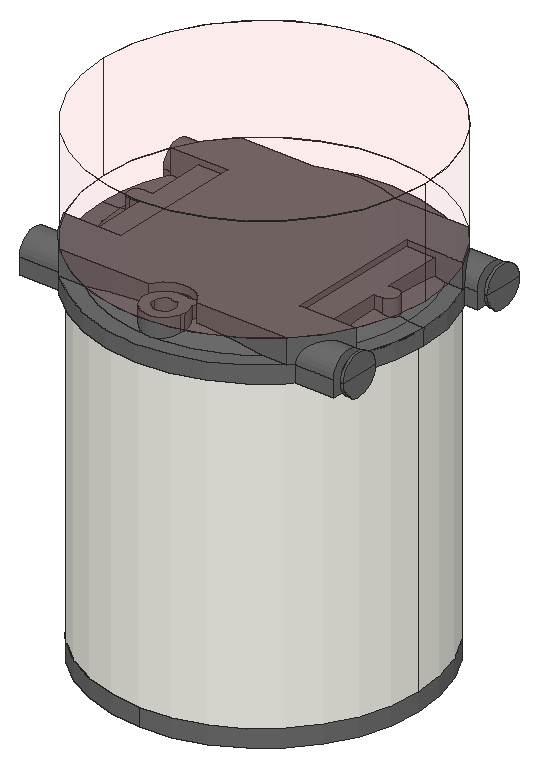
Revit family
Parameters (values of type "1082C2F")
  Watermarked By = "http://revitwatermark.com"
  Water_Ice Tank Volume = "820 Gallons"
  Warning = "Ice tanks are a component in an ice storage system including chillers, pumps, and controls. Contact CALMAC for IceBank® selection support to make sure all system components will work together properly."
  URL = "http://www.calmac.com/"
  Total Cooling Capacity [instance] = 0.0 ton
  Tank Net Usable Capacity = "82 Ton-Hrs"
  Product Page URL = "http://www.calmac.com/products/icebank.asp"
  Is Tank 1 Front Right Connector Visible = not(CTRL Off)  # yes
  Is Tank 1 Front Left Connector Visible = not(CTRL On)  # no
  Is Tank 1 Back Right Connector Visible = not(CTRL Off)  # yes
  Is Tank 1 Back Left Connector Visible = not(CTRL On)  # no
  Surface Finish = Plastic- Calmac- Black
  Supply Coolant Temperature [instance] = -459.67 °F
  Storage Inlet Temperature [instance] = 60 °F
  Shipping Weight = 1065.00 lbf
  Return Coolant Temperature [instance] = -459.67 °F
  Requires Plate Heat Exchanger [instance] = no
  Project/Customer = ""
  Product Documentation Link = "http://www.calmac.com/products/documents/CS-74Model1082C2FAug2007.pdf"
  Pressure Drop [instance] = 0.00 psi
  Precool Hours [instance] = 0
  Pipe Material = Plastic- Calmac- Black
  Operating Weight = 8580.00 lbf
  Occupied Hours [instance] = 0
  Model = "1082C"
  Maximum Operating Temperature = "38°C"
  Maximum Operating Pressure = "620 kPa"
  Manufacturer e-mail = "info@Calmac.com"
  Manufacturer Contact Details = "CALMAC Manufacturing Corporation Headquarters, 3-00 Banta Place, Fair Lawn, NJ  07410, Tel: (201) 797-1511, Fax: (201) 797-1522"
  Manufacturer = "CALMAC Manufacturing Corp."  # constant formula
  Main Use [instance] = ""
  Location [instance] = ""
  Lid Diameter = 7' - 5"  # constant formula
  Leg 4 = 3' - 0 3/4"  # constant formula
  Leg 1 = 3' - 2 1/4"  # constant formula
  Latent Cooling Capacity [instance] = 0.0 ton
  Inlet Outlet Center Height = 6' - 7"  # constant formula
  Heat Exchanger Volume = "86 Gallons"
  Has Rigging Bar [instance] = no
  Has Plate and Frame Heat Exchanger [instance] = no
  Has Ice Inventory Meter [instance] = no
  Has Heat Transfer Fluid [instance] = no
  Has Glycol Management System [instance] = no
  Floor Loading Weight = "286 lb/sq.ft."
  Factory Tested Pressure = "1724 kPa"
  Diversity Factor [instance] = 0
  Discharge Rate [instance] = 0
  Discharge Hours [instance] = 0
  Description = "Off-Peak Cooling System"
  Is Clearance Box Visible [instance] = yes
  Clearance Box Height = 2' - 0"  # constant formula
  City/State [instance] = ""
  CTRL Width = 6' - 1 3/4"
  CTRL On = yes
  CTRL Off = not(CTRL On)  # no
  CTRL Hydronic Supply Description = "Hydronic Supply"  # constant formula
  CTRL Hydronic Return Description = "Hydronic Return"  # constant formula
  CTRL Base Radius = 2' - 11 113/256"  # constant formula
  Body Material = Plastic- Calmac- Off_White
  Has Solid Base [instance] = yes
  Base Height = Inlet Outlet Center Height - 0' 3 3/4"  # 6' - 3 1/4"
  Base Finish = Plastic- Calmac- Black
  Assembly Code = "D3030300"
  Actual Chilled Water Flow [instance] = 0 GPM
Reference planes (in)
  plane 1 "Center (Front/Back)": y = 0
  plane 2 "Bottom": z = 0
  plane 3 "Center (Left/Right)": x = 0
  plane 4 "T.O. Base": z = 75.25
  plane 5 "Inlet/Outlet Center (Elevation)": z = 79
  plane 6 "Right Connector Face": x = 38.25
  plane 7 "Left Connector Face": x = -36.75
  plane 8 "T.o. Lid": z = 84.5
  plane 9 "Top": z = 108.5
  plane 10 "Front Connector Center (F/B)": y = -20.5
  plane 11 "Back Connector Center (F/B)": y = 20.5
  plane 12 "Back": y = 36.875
  plane 13 "Front": y = -36.875
Dimensions and locks (in)
  locked: plane 5 "Inlet/Outlet Center (Elevation)" to plane 4 "T.O. Base" at 3.75
  "Inlet Outlet Center Height": plane 5 "Inlet/Outlet Center (Elevation)" to plane 2 "Bottom"
  "Leg 1": plane 3 "Center (Left/Right)" to plane 6 "Right Connector Face"
  "Leg 4": plane 7 "Left Connector Face" to plane 3 "Center (Left/Right)"
  locked: plane 8 "T.o. Lid" to plane 5 "Inlet/Outlet Center (Elevation)" at 5.5
  locked: plane 10 "Front Connector Center (F/B)" to plane 1 "Center (Front/Back)" at 20.5
  locked: plane 1 "Center (Front/Back)" to plane 11 "Back Connector Center (F/B)" at 20.5
  "Clearance Box Height": plane 9 "Top" to plane 8 "T.o. Lid"
  plane 8 "T.o. Lid" to plane 2 "Bottom" = 7' - 0 1/2"
  equal spacing: plane 13 "Front", plane 1 "Center (Front/Back)", plane 12 "Back"
  "CTRL Width": plane 13 "Front" to plane 12 "Back"
  plane 7 "Left Connector Face" to plane 6 "Right Connector Face" = 6' - 3"
  aligned and locked: plane 1 "Center (Front/Back)" to nested 1
  aligned and locked: plane 3 "Center (Left/Right)" to nested 1
  aligned and locked: plane 4 "T.O. Base" to nested 2
  aligned and locked: plane 1 "Center (Front/Back)" to nested 2
  aligned and locked: plane 5 "Inlet/Outlet Center (Elevation)" to nested 2
  aligned and locked: plane 3 "Center (Left/Right)" to nested 2
  aligned and locked: plane 2 "Bottom" to nested 1
Nested families (in)
  nested 1: "Cooling_Plant_Accessories-Calmac-IceBank-Base" at (0, 0, 0), type "Base"
    with Is Symbolic Line Visible no, Has Solid Base yes, CTRL Inner Wall Radius 2' - 10 145/256", CTRL Base Radius 2' - 11 113/256", Base Height 6' - 3 1/4"
  nested 2: "Cooling_Plant_Accessories-Calmac-IceBank-Lid_C-75" at (0, 0, 75.25), Surface Finish <- "Surface Finish", Pipe Material <- "Pipe Material", Clearance Box Height <- "Clearance Box Height", Is Clearance Box Visible <- "Is Clearance Box Visible", type "C-75"
    with Surface Finish Plastic- Calmac- Black, Pipe Material Plastic- Calmac- Black, Is Clearance Box Visible yes, Clearance Box Height 2' - 0", CTRL Radius 3' - 0 11/16"
Connectors (in)
  piping at (38.25, 20.5, 79), driven by "CTRL Hydronic Supply Description", driven by "Actual Chilled Water Flow"
    settings: on nested 2, index 1, connector radius 2", flow factor 0, pipe flow 0 GPM, pressure drop 0.00 psi, fitting loss kfactor 0, connector angle 0.00°, fixture units 0, flow configuration 0, flow direction 2, fitting loss method 0, system type 7, connector reference index -1, connector utility 0, adjustable connector no, is connector primary yes, fitting loss table "", connector description "Hydronic Supply"
  piping at (38.25, -20.5, 79), driven by "CTRL Hydronic Return Description"
    settings: on nested 2, index 2, connector radius 2", flow factor 0, pipe flow 0 GPM, pressure drop 0.00 psi, fitting loss kfactor 0, connector angle 0.00°, fixture units 0, flow configuration 0, flow direction 1, fitting loss method 0, system type 8, connector reference index -1, connector utility 0, adjustable connector no, is connector primary no, fitting loss table "", connector description "Hydronic Return"
Definition of nested family "Cooling_Plant_Accessories-Calmac-IceBank-Base"
  Parameters (values of type "Base")
    Wall Thickness = 0' - 0 7/8"
    URL = "http://www.calmac.com/"
    Type Comments = ""
    Is Symbolic Line Visible = not(Has Solid Base)  # yes
    Has Solid Base = no
    Model = ""
    Manufacturer = "CALMAC Manufacturing Corp."  # constant formula
    CTRL Inner Wall Radius = CTRL Base Radius - Wall Thickness  # 3' - 0"
    CTRL Base Radius = 3' - 0 7/8"
    Body Material = Plastic- Calmac- Off_White
    Base Height = 3' - 7 5/16"
    Base Finish = Plastic- Calmac- Black
    Assembly Code = "D3030"
  Reference planes (in)
    plane 1 "Center (Front/Back)": y = 0
    plane 2 "Bottom": z = 0
    plane 3 "Center (Left/Right)": x = 0
    plane 4 "Back": y = 36.875
    plane 5 "Front": y = -36.875
    plane 6 "Right": x = 36.875
    plane 7 "Left": x = -36.875
    plane 8 "T.O. Base Plate": z = 4
    plane 9 "Right Edge of Right Void": x = 24.125
    plane 10 "Left Edge of Right Void": x = 13.125
    plane 11 "Left Edge of Left Void": x = -24.125
    plane 12 "Right Edge of Left Void": x = -13.125
    plane 13 "T.O. Base Void": z = 2
    plane 14 "T.O. Base": z = 43.3125
  Forms (in)
    Extrusion 1, solid, material "Plastic- Calmac- Black" <- "Base Finish", visible <- "Is Symbolic Line Visible", detail levels fine
      sketch origin (0, 0, 0) x (1, 0, 0) y (0, 1, 0)
        loop
          circle (0, 0) r 36.875
      from 0 to 4
    Extrusion 2, void
      sketch origin (0, 0, 0) x (1, 0, 0) y (0, 1, 0)
        loop
          line (-24.125, 36.875) -> (-24.125, -36.875) -> (-13.125, -36.875) -> (-13.125, 36.875) -> (-24.125, 36.875)
        loop
          line (13.125, 36.875) -> (13.125, -36.875) -> (24.125, -36.875) -> (24.125, 36.875) -> (13.125, 36.875)
      from 0 to 2
    Extrusion 3, solid, material "Plastic- Calmac- Off_White" <- "Body Material", detail levels fine
      sketch origin (0, 0, 0) x (1, 0, 0) y (0, 1, 0)
        loop
          circle (0, 0) r 36.875
        loop
          circle (0, 0) r 36
      from 4 to 43.3125
    Extrusion 4, solid, material "Plastic- Calmac- Black" <- "Base Finish", visible <- "Has Solid Base", detail levels fine
      sketch origin (0, 0, 43.3125) x (0, -1, 0) y (1, 0, 0)
        loop
          circle (0, 0) r 36.875
      from -43.3125 to -39.3125
  Cuts and joins
    Extrusion 2 cuts Extrusion 3
    Extrusion 2 cuts Extrusion 1
  Lines and regions (in)
    Masking region 1
      outline origin (0, 0, 0) x (1, 0, 0) y (0, 1, 0)
        loop
          circle (0, 0) r 36.875
    Masking region 2
      outline origin (0, 0, 0) x (1, 0, 0) y (0, 0, 1)
        loop
          line (-36.875, 0) -> (36.875, 0) -> (36.875, 43.3125) -> (-36.875, 43.3125) -> (-36.875, 0)
    Masking region 3
      outline origin (0, 0, 0) x (0, 1, 0) y (0, 0, 1)
        loop
          line (-36.875, 0) -> (36.875, 0) -> (36.875, 43.3125) -> (-36.875, 43.3125) -> (-36.875, 0)
    symbolic lines, style "Base", detail levels medium+fine
      curve 1: line (-36.875, 0, 4) -> (36.875, 0, 4)
      curve 8: line (0, -36.875, 4) -> (0, 36.875, 4)
    symbolic lines, style "Base", visible <- "Is Symbolic Line Visible", detail levels medium+fine
      curve 2: line (-24.125, 0, 0) -> (-24.125, 0, 2)
      curve 3: line (-24.125, 0, 2) -> (-13.125, 0, 2)
      curve 4: line (13.125, 0, 2) -> (24.125, 0, 2)
      curve 5: line (13.125, 0, 0) -> (13.125, 0, 2)
      curve 6: line (24.125, 0, 0) -> (24.125, 0, 2)
      curve 7: line (-13.125, 0, 0) -> (-13.125, 0, 2)
    model lines, style "Base", detail levels medium
      curve 9: circle (0, 0, 43.3125) r 36.875 normal (0, 0, 1)
      curve 10: circle (0, 0, 4) r 36.875 normal (0, 0, 1)
      curve 11: circle (0, 0, 0) r 36.875 normal (0, 0, 1)
      curve 12: line (36.875, 0, 0) -> (36.875, 0, 43.3125)
      curve 13: line (-36.875, 0, 0) -> (-36.875, 0, 43.3125)
      curve 14: line (0, -36.875, 0) -> (0, -36.875, 43.3125)
      curve 15: line (0, 36.875, 0) -> (0, 36.875, 43.3125)
    model lines, style "Base", detail levels coarse
      curve 16: line (0, 0, 0) -> (0, 0, 43.3125)
  Dimensions and locks (in)
    locked: plane 7 "Left" to plane 11 "Left Edge of Left Void" at 12.75
    locked: plane 7 "Left" to plane 12 "Right Edge of Left Void" at 23.75
    locked: plane 9 "Right Edge of Right Void" to plane 6 "Right" at 12.75
    locked: plane 10 "Left Edge of Right Void" to plane 6 "Right" at 23.75
    "CTRL Base Radius": plane 7 "Left" to plane 3 "Center (Left/Right)"
    "CTRL Base Radius": plane 3 "Center (Left/Right)" to plane 6 "Right"
    "CTRL Base Radius": plane 1 "Center (Front/Back)" to plane 4 "Back"
    "CTRL Base Radius": plane 5 "Front" to plane 1 "Center (Front/Back)"
    locked: plane 8 "T.O. Base Plate" to plane 2 "Bottom" at 4
    "Base Height": plane 14 "T.O. Base" to plane 2 "Bottom"
    locked: plane 13 "T.O. Base Void" to plane 2 "Bottom" at 2
    "CTRL Base Radius": radius of Extrusion 1 sketch curve
    "CTRL Base Radius": radius of Extrusion 3 sketch curve
    "CTRL Inner Wall Radius": radius of Extrusion 3 sketch curve
    "CTRL Base Radius": radius of Masking region 1 sketch curve
    "CTRL Base Radius": radius of curve 9
    "CTRL Base Radius": radius of curve 10
    "CTRL Base Radius": radius of curve 11
    "CTRL Base Radius": radius of Extrusion 4 sketch curve
    aligned and locked: plane 3 "Center (Left/Right)" to Extrusion 1 sketch curve
    aligned and locked: plane 1 "Center (Front/Back)" to Extrusion 1 sketch curve
    aligned and locked: Extrusion 1 to plane 2 "Bottom"
    aligned and locked: plane 8 "T.O. Base Plate" to Extrusion 1
    aligned and locked: plane 2 "Bottom" to Extrusion 1
    aligned and locked: Extrusion 2 sketch curve to plane 4 "Back"  (x2)
    aligned and locked: Extrusion 2 sketch curve to plane 12 "Right Edge of Left Void"
    aligned and locked: plane 11 "Left Edge of Left Void" to Extrusion 2 sketch curve
    aligned and locked: Extrusion 2 sketch curve to plane 5 "Front"  (x2)
    aligned and locked: Extrusion 2 sketch curve to plane 10 "Left Edge of Right Void"
    aligned and locked: Extrusion 2 sketch curve to plane 9 "Right Edge of Right Void"
    aligned and locked: plane 13 "T.O. Base Void" to Extrusion 2
    aligned and locked: Extrusion 2 to plane 2 "Bottom"
    aligned and locked: Extrusion 2 to plane 5 "Front"
    aligned and locked: plane 4 "Back" to Extrusion 2
    aligned and locked: Extrusion 2 to plane 13 "T.O. Base Void"  (x2)
    aligned and locked: plane 11 "Left Edge of Left Void" to Extrusion 2
    aligned and locked: plane 2 "Bottom" to Extrusion 2  (x2)
    aligned and locked: Extrusion 2 to plane 12 "Right Edge of Left Void"
    aligned and locked: plane 10 "Left Edge of Right Void" to Extrusion 2
    aligned and locked: Extrusion 2 to plane 9 "Right Edge of Right Void"
    aligned and locked: plane 3 "Center (Left/Right)" to Extrusion 3 sketch curve  (x2)
    aligned and locked: plane 1 "Center (Front/Back)" to Extrusion 3 sketch curve  (x2)
    aligned and locked: Extrusion 3 to plane 8 "T.O. Base Plate"
    aligned and locked: plane 14 "T.O. Base" to Extrusion 3
    aligned and locked: plane 3 "Center (Left/Right)" to Masking region 1 sketch curve
    aligned and locked: plane 1 "Center (Front/Back)" to Masking region 1 sketch curve
    aligned and locked: Masking region 2 sketch curve to plane 14 "T.O. Base"
    aligned and locked: plane 6 "Right" to Masking region 2 sketch curve
    aligned and locked: plane 2 "Bottom" to Masking region 2 sketch curve
    aligned and locked: Masking region 2 sketch curve to plane 7 "Left"
    aligned and locked: plane 7 "Left" to curve 1
    aligned and locked: plane 6 "Right" to curve 1
    aligned and locked: curve 1 to plane 8 "T.O. Base Plate"
    aligned and locked: plane 11 "Left Edge of Left Void" to curve 3
    aligned and locked: plane 12 "Right Edge of Left Void" to curve 3
    aligned and locked: curve 3 to plane 13 "T.O. Base Void"
    aligned and locked: plane 2 "Bottom" to curve 2
    aligned and locked: curve 2 to plane 11 "Left Edge of Left Void"
    aligned and locked: plane 10 "Left Edge of Right Void" to curve 4
    aligned and locked: plane 9 "Right Edge of Right Void" to curve 4
    aligned and locked: plane 13 "T.O. Base Void" to curve 5
    aligned and locked: plane 13 "T.O. Base Void" to curve 6
    aligned and locked: plane 2 "Bottom" to curve 5
    aligned and locked: curve 5 to plane 10 "Left Edge of Right Void"
    aligned and locked: curve 6 to plane 9 "Right Edge of Right Void"
    aligned and locked: plane 13 "T.O. Base Void" to curve 7
    aligned and locked: plane 2 "Bottom" to curve 7
    aligned and locked: curve 7 to plane 12 "Right Edge of Left Void"
    aligned and locked: plane 5 "Front" to Masking region 3 sketch curve
    aligned and locked: plane 14 "T.O. Base" to Masking region 3 sketch curve
    aligned and locked: Masking region 3 sketch curve to plane 4 "Back"
    aligned and locked: plane 2 "Bottom" to Masking region 3 sketch curve
    aligned and locked: plane 4 "Back" to curve 8
    aligned and locked: plane 5 "Front" to curve 8
    aligned and locked: curve 8 to plane 8 "T.O. Base Plate"
    aligned and locked: plane 3 "Center (Left/Right)" to curve 9
    aligned and locked: plane 1 "Center (Front/Back)" to curve 9
    aligned and locked: curve 9 to plane 14 "T.O. Base"
    aligned and locked: curve 10 to plane 8 "T.O. Base Plate"
    aligned and locked: plane 3 "Center (Left/Right)" to curve 10
    aligned and locked: plane 1 "Center (Front/Back)" to curve 10
    aligned: curve 11 to plane 2 "Bottom"
    aligned and locked: plane 3 "Center (Left/Right)" to curve 11
    aligned and locked: plane 1 "Center (Front/Back)" to curve 11
    aligned and locked: plane 14 "T.O. Base" to curve 12
    aligned and locked: plane 14 "T.O. Base" to curve 13
    aligned and locked: plane 2 "Bottom" to curve 12
    aligned and locked: plane 2 "Bottom" to curve 13
    aligned and locked: curve 12 to plane 6 "Right"
    aligned and locked: curve 13 to plane 7 "Left"
    aligned and locked: curve 12 to plane 1 "Center (Front/Back)"
    aligned and locked: curve 13 to plane 1 "Center (Front/Back)"
    aligned and locked: plane 14 "T.O. Base" to curve 14
    aligned and locked: plane 14 "T.O. Base" to curve 15
    aligned and locked: plane 2 "Bottom" to curve 14
    aligned and locked: plane 2 "Bottom" to curve 15
    aligned and locked: plane 4 "Back" to curve 15
    aligned and locked: plane 5 "Front" to curve 14
    aligned and locked: plane 3 "Center (Left/Right)" to curve 14
    aligned and locked: plane 3 "Center (Left/Right)" to curve 15
    aligned and locked: plane 14 "T.O. Base" to curve 16
    aligned and locked: plane 2 "Bottom" to curve 16
    aligned and locked: plane 3 "Center (Left/Right)" to curve 16
    aligned and locked: curve 16 to plane 1 "Center (Front/Back)"
    aligned and locked: plane 1 "Center (Front/Back)" to Extrusion 4 sketch curve
    aligned and locked: plane 3 "Center (Left/Right)" to Extrusion 4 sketch curve
    aligned and locked: plane 8 "T.O. Base Plate" to Extrusion 4
    aligned and locked: Extrusion 4 to plane 2 "Bottom"
  Automatic sketch dimensions
    curve 6 to level = 0' - 0"
Definition of nested family "Cooling_Plant_Accessories-Calmac-IceBank-Lid_C-75"
  Parameters (values of type "C-75")
    bxcbxb = Diameter * 0.5  # 3' - 0 11/16"
    adfasdfa = Diameter * 0.5  # 3' - 0 11/16"
    Surface Finish [instance] = none
    Pipe Material [instance] = none
    Is Front Right Flanged Connector Visible = yes
    Is Front Left Flanged Connector Visible = no
    Diameter = 6' - 1 3/8"
    Is Clearance Box Visible [instance] = yes
    Clearance Box Height [instance] = 2' - 0"
    CTRL Radius [instance] = Diameter / 2  # 3' - 0 11/16"
    Is Back Right Flanged Connector Visible = yes
    Is Back Left Flanged Connector Visible = no
  Reference planes (in)
    plane 1 "Center (Front/Back)": y = 0
    plane 2 "Bottom": z = 0
    plane 3 "Center (Left/Right)": x = 0
    plane 4 "Back": y = 36.6875
    plane 5 "Back Connector Back": y = 24.75
    plane 6 "Back Connector Center": y = 20.5
    plane 7 "Back Connector Front": y = 16.25
    plane 8 "Piping Back": y = 25.88647
    plane 9 "Rigging Back": y = 15.25
    plane 10 "Rigging Loop Back": y = 2
    plane 11 "Top Back Edge": y = 24
    plane 12 "Back Inset": y = 32.8725
    plane 13 "Back Bolt Front": y = 33.6855
    plane 14 "Front": y = -36.6875
    plane 15 "Front Connection Front": y = -24.75
    plane 16 "Fron Connector Center": y = -20.5
    plane 17 "Front Connector Back": y = -16.25
    plane 18 "Piping Front": y = -25.88647
    plane 19 "Rigging Front": y = -15.25
    plane 20 "Rigging Loop Front": y = -2
    plane 21 "Top Front Edge": y = -28
    plane 22 "Front Inset": y = -32.8725
    plane 23 "Pad Eye Hole": y = -27.02527
    plane 24 "Pad Eye Front Center": y = -28.53621
    plane 25 "Left Connection": x = -36.41773
    plane 26 "Left": x = -36.6875
    plane 27 "Left Lip Inset": x = -32.8725
    plane 28 "Left Rigging Loop Left": x = -30.87661
    plane 29 "Left Rigging Loop Inset": x = -27.6267
    plane 30 "Left Rigging Loop Right": x = -26.875
    plane 31 "Left Rigging Right": x = -20.40035
    plane 32 "Top Left": x = -9.54335
    plane 33 "Right Connection": x = 36.41773
    plane 34 "Right": x = 36.6875
    plane 35 "Lid Inset Right": x = 32.8725
    plane 36 "Right Rigging Loop Right": x = 30.88136
    plane 37 "Right Rigging Loop Inset": x = 27.63145
    plane 38 "Right Rigging Loop Left": x = 26.87975
    plane 39 "Right Rigging Left": x = 20.4051
    plane 40 "Top Right": x = 9.54335
    plane 41 "Top": z = 9.25
    plane 42 "Connector Center(Elevation)": z = 3.75
    plane 43 "Connector Channel Top": z = 8
    plane 44 "Connection Sleeve Left": x = -33.10311
    plane 45 "Connection Sleeve Right": x = 33.1032
    plane 46 "Right Center": x = 24.02983
    plane 47 "Bolt Inset Right": x = 1.00017
    plane 48 "Bolt Inset Left": x = -1.00017
    plane 49 "Bolt Inset Center": y = 34.68672
    plane 50 "Top Left Inset": x = -30.90528
    plane 51 "Top Right Inset": x = 30.90528
    plane 52 "Right Side Chanel": x = 35.23566
    plane 53 "Left Side Channel": x = -35.23566
    plane 54 "Right Tunnel Ref": x = 25.99737
    plane 55 "Left Tunnel Ref": x = -25.99737
    plane 56 "Left Tunnel Ref Center": x = -33.3678
    plane 57 "Right Tunnel Ref Center": x = 33.3678
    plane 58 "T.O. Clearance Box": z = 33.25
    plane 59 "Right Connector Face": x = 38.25
    plane 60 "Left Connector Face": x = -38.25
    plane 61 "Sleeve Left": x = -35.83203
    plane 62 "Sleeve Right": x = 35.83203
  Forms (in)
    Revolve 1, solid, material <- "Surface Finish", detail levels fine
      sketch origin (0, 0, 0) x (1, 0, 0) y (0, 0, 1)
        loop
          line (0, 9.25) -> (0, 0) -> (36.6875, 0) -> (36.6875, 3.75) -> (32.8725, 3.75) -> (9.54335, 9.25) -> (0, 9.25)
        axis (0, 9.25) -> (0, 0)
      angle from 0 to 360
    Extrusion 2, solid, material <- "Surface Finish", detail levels fine
      sketch origin (0, 0, 0) x (1, 0, 0) y (0, 1, 0)
        loop
          arc (-25.99737, 25.88647) -> (-30.15526, 20.89577) -> (-33.3678, 15.25) r 36.6875
          line (-33.3678, 15.25) -> (-20.40035, 15.25) -> (-20.40035, -15.25) -> (-33.3678, -15.25)
          arc (-33.3678, -15.25) -> (-30.15526, -20.89577) -> (-25.99737, -25.88647) r 36.6875
          line (-25.99737, -25.88647) -> (-5.47378, -25.88647)
          arc (-5.47378, -25.88647) -> (0.00163, -22.34) -> (5.47705, -25.88647) r 6
          line (5.47705, -25.88647) -> (25.99737, -25.88647)
          arc (25.99737, -25.88647) -> (30.15526, -20.89577) -> (33.3678, -15.25) r 36.6875
          line (33.3678, -15.25) -> (20.4051, -15.25) -> (20.4051, 15.25) -> (33.3678, 15.25)
          arc (33.3678, 15.25) -> (30.15526, 20.89577) -> (25.99737, 25.88647) r 36.6875
          line (25.99737, 25.88647) -> (9.54335, 25.88647)
          arc (9.54335, 25.88647) -> (0, 27.83962) -> (-9.54335, 25.88647) r 24.29157
          line (-9.54335, 25.88647) -> (-25.99737, 25.88647)
      from 3.75 to 9.25
    Extrusion 3, solid, material <- "Surface Finish", detail levels fine
      sketch origin (0, 0, 0) x (0, 1, 0) y (0, 0, 1)
        loop
          arc (24.75, 3.75) -> (20.5, 8) -> (16.25, 3.75) r 4.25
          line (16.25, 3.75) -> (16.25, 0) -> (24.75, 0) -> (24.75, 3.75)
        loop
          arc (-16.25, 3.75) -> (-20.5, 8) -> (-24.75, 3.75) r 4.25
          line (-24.75, 3.75) -> (-24.75, 0) -> (-16.25, 0) -> (-16.25, 3.75)
      from -35.83203 to 35.83203
    Extrusion 4, solid, material <- "Surface Finish", detail levels fine
      sketch origin (0, 0, 0) x (1, 0, 0) y (0, 1, 0)
        loop
          line (-26.875, 15.25) -> (-26.875, 2) -> (-28.87661, 2)
          arc (-28.87661, 2) -> (-30.87661, 0) -> (-28.87661, -2) r 2
          line (-28.87661, -2) -> (-26.875, -2) -> (-26.875, -15.25) -> (-20.40035, -15.25) -> (-20.40035, 15.25) -> (-26.875, 15.25)
        loop
          line (26.87975, 2) -> (26.87975, 15.25) -> (20.4051, 15.25) -> (20.4051, -15.25) -> (26.87975, -15.25) -> (26.87975, -2) -> (28.88512, -2)
          arc (28.88512, -2) -> (30.88512, 0) -> (28.88512, 2) r 2
          line (28.88512, 2) -> (26.87975, 2)
      from 3.75 to 8
    Extrusion 5, solid, material <- "Surface Finish", detail levels fine
      sketch origin (0, 0, 9.25) x (-1, 0, 0) y (0, -1, 0)
        loop
          arc (-2.21906, 23.96212) -> (2.64241, 24.20385) -> (4.9051, 28.51344) r 4.90816
          arc (4.9051, 28.51344) -> (4.68488, 28.94415) -> (4.53675, 29.40466) r 3
          arc (4.53675, 29.40466) -> (-0.00027, 33) -> (-4.53687, 29.40413) r 4.66
          arc (-4.53687, 29.40413) -> (-4.68495, 28.94361) -> (-4.90512, 28.51288) r 3
          arc (-4.90512, 28.51288) -> (-4.7228, 27.00389) -> (-4.08756, 25.62304) r 4.90816
          arc (-4.08756, 25.62304) -> (-3.98687, 23.85484) -> (-2.21906, 23.96212) r 1.25
        loop
          circle (0, 28.34) r 2.46875
      from -5.5 to -1.25
  Cuts and joins
    joined: Revolve 1, Extrusion 2, Extrusion 4
  Lines and regions (in)
    Masking region 1
      outline origin (0, 0, 0) x (1, 0, 0) y (0, 0, 1)
        loop
          line (-33.3678, 9.25) -> (-33.3678, 3.75) -> (-36.6875, 3.75) -> (-36.6875, 0) -> (36.6875, 0) -> (36.6875, 3.75) -> (33.3678, 3.75) -> (33.3678, 9.25) -> (-33.3678, 9.25)
    Masking region 2
      outline origin (0, 0, 0) x (0, 1, 0) y (0, 0, 1)
        loop
          line (36.6875, 3.75) -> (32.8725, 3.75) -> (27.9625, 4.87873) -> (27.9625, 9.25) -> (-25.88647, 9.25) -> (-25.88647, 8) -> (-32.8725, 8) -> (-32.8725, 3.75) -> (-36.6875, 3.75) -> (-36.6875, 0) -> (36.6875, 0) -> (36.6875, 3.75)
    Masking region 3
      outline origin (0, 0, 0) x (1, 0, 0) y (0, 1, 0)
        loop
          arc (-33.10311, 15.81634) -> (-36.6875, 0) -> (-33.10311, -15.81634) r 36.6875
          line (-33.10311, -15.81634) -> (-33.10311, -16.25) -> (-35.83203, -16.25) -> (-35.83203, -24.75) -> (-27.08155, -24.75)
          arc (-27.08155, -24.75) -> (0, -36.6875) -> (27.08155, -24.75) r 36.6875
          line (27.08155, -24.75) -> (35.83203, -24.75) -> (35.83203, -16.25) -> (33.1032, -16.25) -> (33.1032, -15.81617)
          arc (33.1032, -15.81617) -> (36.6875, 0) -> (33.1032, 15.81617) r 36.6875
          line (33.1032, 15.81617) -> (33.1032, 16.25) -> (35.83203, 16.25) -> (35.83203, 24.75) -> (27.08155, 24.75)
          arc (27.08155, 24.75) -> (0, 36.6875) -> (-27.08155, 24.75) r 36.6875
          line (-27.08155, 24.75) -> (-35.83203, 24.75) -> (-35.83203, 16.25) -> (-33.10311, 16.25) -> (-33.10311, 15.81634)
    symbolic lines, style "Thermal Energy Storage", detail levels fine
      curve 1: arc (0, 24.75, 3.75) -> (0, 20.5, 8) -> (0, 16.25, 3.75) r 4.25
      curve 2: line (0, 24.75, 0) -> (0, 24.75, 3.75)
      curve 3: line (0, 16.25, 3.75) -> (0, 16.25, 0)
      curve 6: arc (0, -2, 5.14855) -> (0, -8.63661, 4.84477) -> (0, -15.25, 4.21246) r 134.00815
      curve 8: line (0, -2, 8) -> (0, -2, 6.75604)
      curve 9: arc (0, 15.25, 4.21246) -> (0, 8.63661, 4.84477) -> (0, 2, 5.14855) r 134.00815
      curve 10: line (0, 2, 4.63945) -> (0, 2, 8)
      curve 11: line (0, -15.25, 8) -> (0, 15.25, 8)
      curve 14: arc (0, -16.25, 3.75) -> (0, -20.5, 8) -> (0, -24.75, 3.75) r 4.25
      curve 15: line (0, -16.25, 0) -> (0, -16.25, 3.75)
      curve 16: line (0, -24.75, 3.75) -> (0, -24.75, 0)
      curve 32: line (26.87975, 2, 3.75) -> (26.87975, 15.25, 3.75)
      curve 33: arc (20.4051, 7.23282, 3.75) -> (21.3358, 3.66951, 3.75) -> (21.64906, 0, 3.75) r 21.64906
      curve 34: arc (21.64906, 0, 3.75) -> (21.3358, -3.66951, 3.75) -> (20.4051, -7.23282, 3.75) r 21.64906
      curve 35: line (26.87975, -15.25, 3.75) -> (26.87975, -2, 3.75)
      curve 36: line (26.87975, -2, 3.75) -> (28.88512, -2, 3.75)
      curve 37: arc (28.88512, -2, 3.75) -> (30.88512, 0, 3.75) -> (28.88512, 2, 3.75) r 2
      curve 38: line (28.88512, 2, 3.75) -> (26.87975, 2, 3.75)
      curve 39: line (-26.875, 15.25, 3.75) -> (-26.875, 2, 3.75)
      curve 40: line (-26.875, 2, 3.75) -> (-28.87661, 2, 3.75)
      curve 41: arc (-28.87661, 2, 3.75) -> (-30.87661, 0, 3.75) -> (-28.87661, -2, 3.75) r 2
      curve 42: line (-28.87661, -2, 3.75) -> (-26.875, -2, 3.75)
      curve 43: line (-26.875, -2, 3.75) -> (-26.875, -15.25, 3.75)
      curve 44: arc (-20.40035, -7.232, 3.75) -> (-21.33105, -3.6691, 3.75) -> (-21.64431, 0, 3.75) r 21.64431
      curve 45: arc (-21.64431, 0, 3.75) -> (-21.33105, 3.6691, 3.75) -> (-20.40035, 7.232, 3.75) r 21.64431
      curve 48: line (-1.00017, 36.67386, 9.25) -> (-1.00017, 34.68672, 9.25)
      curve 49: arc (-1.00017, 34.68672, 9.25) -> (0, 33.68655, 9.25) -> (1.00017, 34.68672, 9.25) r 1.00017
      curve 50: line (1.00017, 34.68672, 9.25) -> (1.00017, 36.6875, 9.25)
      curve 51: line (11.31854, 34.8979, 9.25) -> (10.65418, 33.0251, 9.25)
      curve 52: arc (10.65418, 33.0251, 9.25) -> (11.26241, 31.7481, 9.25) -> (12.53942, 32.35633, 9.25) r 1.00017
      curve 53: line (12.53942, 32.35633, 9.25) -> (13.20834, 34.24197, 9.25)
      curve 54: line (-13.21164, 34.2958, 9.25) -> (-12.55966, 32.41866, 9.25)
      curve 55: arc (-12.55966, 32.41866, 9.25) -> (-11.2867, 31.80201, 9.25) -> (-10.67005, 33.07497, 9.25) r 1.00017
      curve 56: line (-10.67005, 33.07497, 9.25) -> (-11.3265, 34.96499, 9.25)
      curve 57: line (-23.92286, 28.15972, 9.25) -> (-22.74294, 26.56081, 9.25)
      curve 58: arc (-22.74294, 26.56081, 9.25) -> (-21.34429, 26.34992, 9.25) -> (-21.1334, 27.74856, 9.25) r 1.00017
      curve 59: line (-21.1334, 27.74856, 9.25) -> (-22.32142, 29.35845, 9.25)
      curve 60: line (32.4594, -12.82483, 9.25) -> (32.6548, -12.1272, 9.25)
      curve 61: arc (32.6548, -12.1272, 9.25) -> (31.34512, -12.66144, 9.25) -> (31.87936, -13.97113, 9.25) r 1.00017
      curve 62: line (31.87936, -13.97113, 9.25) -> (33.72369, -14.74673, 9.25)
      curve 63: line (22.39077, 29.34394, 9.25) -> (21.11473, 27.69559, 9.25)
      curve 64: arc (21.11473, 27.69559, 9.25) -> (21.29337, 26.29246, 9.25) -> (22.6965, 26.47109, 9.25) r 1.00017
      curve 65: line (22.6965, 26.47109, 9.25) -> (23.92126, 28.05321, 9.25)
      curve 66: arc (34.65389, -3.55302, 9.25) -> (33.53087, -4.41256, 9.25) -> (34.39041, -5.53559, 9.25) r 1
      curve 67: line (34.39041, -5.53559, 9.25) -> (36.36427, -5.7979, 9.25)
      curve 68: line (34.65389, -3.55302, 9.25) -> (36.62775, -3.81533, 9.25)
      curve 69: line (34.39041, 5.53559, 9.25) -> (36.36427, 5.7979, 9.25)
      curve 70: arc (34.39041, 5.53559, 9.25) -> (33.53087, 4.41256, 9.25) -> (34.65389, 3.55302, 9.25) r 1
      curve 71: line (34.65389, 3.55302, 9.25) -> (36.62775, 3.81533, 9.25)
      curve 72: line (31.91582, 13.97144, 9.25) -> (33.76295, 14.71511, 9.25)
      curve 73: arc (31.91582, 13.97144, 9.25) -> (31.36165, 12.67033, 9.25) -> (32.66277, 12.11616, 9.25) r 1
      curve 74: line (32.66277, 12.11616, 9.25) -> (34.5099, 12.85983, 9.25)
      curve 75: line (-31.91107, 13.97144, 9.25) -> (-33.7582, 14.71511, 9.25)
      curve 76: arc (-32.65802, 12.11616, 9.25) -> (-31.3569, 12.67033, 9.25) -> (-31.91107, 13.97144, 9.25) r 1
      curve 77: line (-32.65802, 12.11616, 9.25) -> (-34.50515, 12.85983, 9.25)
      curve 78: line (-34.38566, 5.53559, 9.25) -> (-36.35952, 5.7979, 9.25)
      curve 79: arc (-34.64914, 3.55302, 9.25) -> (-33.52612, 4.41256, 9.25) -> (-34.38566, 5.53559, 9.25) r 1
      curve 80: line (-34.64914, 3.55302, 9.25) -> (-36.623, 3.81533, 9.25)
      curve 81: line (-34.64914, -3.55302, 9.25) -> (-36.623, -3.81533, 9.25)
      curve 82: arc (-34.38566, -5.53559, 9.25) -> (-33.52612, -4.41256, 9.25) -> (-34.64914, -3.55302, 9.25) r 1
      curve 83: line (-34.38566, -5.53559, 9.25) -> (-36.35952, -5.7979, 9.25)
      curve 84: line (-22.69219, -26.43077, 9.25) -> (-23.97422, -28.0179, 9.25)
      curve 85: arc (-21.13636, -27.68751, 9.25) -> (-21.28591, -26.28122, 9.25) -> (-22.69219, -26.43077, 9.25) r 1
      curve 86: line (-21.13636, -27.68751, 9.25) -> (-22.4199, -29.27651, 9.25)
      curve 87: line (-12.56783, -32.48955, 9.25) -> (-13.24652, -34.41359, 9.25)
      curve 88: arc (-10.68173, -33.15486, 9.25) -> (-11.29213, -31.87915, 9.25) -> (-12.56783, -32.48955, 9.25) r 1
      curve 89: line (-10.68173, -33.15486, 9.25) -> (-11.36123, -35.08117, 9.25)
      curve 90: line (-1.00017, -34.82, 9.25) -> (-1.00017, -36.80999, 9.25)
      curve 91: arc (1.00017, -34.82, 9.25) -> (0, -33.81983, 9.25) -> (-1.00017, -34.82, 9.25) r 1.00017
      curve 92: line (1.00017, -34.82, 9.25) -> (1.00017, -36.81244, 9.25)
      curve 93: line (12.56783, -32.48955, 9.25) -> (13.23022, -34.36736, 9.25)
      curve 94: arc (12.56783, -32.48955, 9.25) -> (11.29213, -31.87915, 9.25) -> (10.68173, -33.15486, 9.25) r 1
      curve 95: line (10.68173, -33.15486, 9.25) -> (11.34412, -35.03267, 9.25)
      curve 96: arc (22.69219, -26.43077, 9.25) -> (21.28591, -26.28122, 9.25) -> (21.13636, -27.68751, 9.25) r 1
      curve 97: line (22.69219, -26.43077, 9.25) -> (23.94341, -27.97976, 9.25)
      curve 98: line (21.13636, -27.68751, 9.25) -> (22.38758, -29.2365, 9.25)
      curve 99: line (32.66277, -12.11616, 9.25) -> (34.5099, -12.85983, 9.25)
      curve 100: line (-31.91107, -14.79231, 9.25) -> (-33.7582, -15.23425, 9.25)
      curve 101: arc (-31.91107, -14.79231, 9.25) -> (-31.3569, -13.49119, 9.25) -> (-32.65802, -12.93703, 9.25) r 1
      curve 102: line (-32.65802, -12.93703, 9.25) -> (-34.50515, -13.37897, 9.25)
      curve 106: arc (-5.47378, 0, 5.26563) -> (-15.77731, 0, 4.35832) -> (-25.99737, 0, 2.76575) r 154.97971
      curve 107: arc (25.99737, 0, 2.76578) -> (15.77893, 0, 4.35812) -> (5.47705, 0, 5.26547) r 154.99141
      curve 108: line (5.47705, 0, 9.25) -> (5.47705, 0, 5.26547)
      curve 109: line (-5.47378, 0, 5.26563) -> (-5.47378, 0, 9.25)
      curve 110: line (-4.9051, 0, 8) -> (-4.9051, 0, 4.70486)
      curve 111: line (4.90512, 0, 4.70486) -> (4.90512, 0, 8)
      curve 112: line (4.90512, 0, 8) -> (-4.9051, 0, 8)
      curve 113: line (-33.10311, 0, 8) -> (-33.10311, 0, 0)
      curve 114: line (33.1032, 0, 0) -> (33.1032, 0, 8)
      curve 115: arc (-4.9051, 0, 4.70486) -> (0.00001, 0, 3.8302) -> (4.90512, 0, 4.70486) r 14.19119
      curve 116: arc (30.87466, 0, 8) -> (28.02128, 0, 6.67955) -> (26.87975, 0, 3.75) r 4.20763
      curve 117: line (26.87975, 0, 3.75) -> (26.87975, 0, 0)
      curve 118: line (30.87466, 0, 8) -> (33.1032, 0, 8)
      curve 119: arc (-30.90528, 0, 8) -> (-28.05544, 0, 6.81956) -> (-26.875, 0, 3.96972) r 4.03028
      curve 120: line (-26.875, 0, 3.96972) -> (-26.875, 0, 0)
      curve 121: line (-30.90528, 0, 8) -> (-33.10311, 0, 8)
      curve 122: line (30.90528, -2, 4.63175) -> (30.90528, -2, 8)
      curve 123: arc (30.90528, 1.99747, 4.63175) -> (30.90528, -0.00127, 4.2218) -> (30.90528, -2, 4.63175) r 5.07744
      curve 124: line (30.90528, 25.88647, 4.9399) -> (30.90528, 27.84324, 4.88321)
      curve 125: arc (9.54335, 25.88647, 9.25) -> (0, 27.83962, 9.25) -> (-9.54335, 25.88647, 9.25) r 24.29157
      curve 126: arc (-5.2102, -25.36733, 9.25) -> (0.00163, -22.34, 9.25) -> (5.21347, -25.36733, 9.25) r 6
      curve 130: arc (-4.53675, -29.40466, 9.25) -> (0.00027, -33, 9.25) -> (4.53687, -29.40413, 9.25) r 4.66
      curve 131: arc (4.53687, -29.40413, 9.25) -> (4.68495, -28.94361, 9.25) -> (4.90512, -28.51288, 9.25) r 3
      curve 132: arc (4.90512, -28.51288, 9.25) -> (4.7228, -27.00389, 9.25) -> (4.08756, -25.62304, 9.25) r 4.90816
      curve 133: arc (4.08756, -25.62304, 9.25) -> (3.98687, -23.85484, 9.25) -> (2.21906, -23.96212, 9.25) r 1.25
      curve 134: arc (2.21906, -23.96212, 9.25) -> (-2.64241, -24.20385, 9.25) -> (-4.9051, -28.51344, 9.25) r 4.90816
      curve 135: arc (-4.9051, -28.51344, 9.25) -> (-4.68488, -28.94415, 9.25) -> (-4.53675, -29.40466, 9.25) r 3
      curve 136: arc (2.46875, -28.34, 9.25) -> (0, -30.80875, 9.25) -> (-2.46875, -28.34, 9.25) r 2.46875
      curve 137: arc (-2.46875, -28.34, 9.25) -> (0, -25.87125, 9.25) -> (2.46875, -28.34, 9.25) r 2.46875
    symbolic lines, style "Thermal Energy Storage", detail levels medium+fine
      curve 4: line (0, 25.88647, 3.75) -> (0, 25.88647, 9.25)
      curve 5: line (0, 25.88647, 3.75) -> (0, 32.8725, 3.75)
      curve 7: line (0, -15.25, 3.75) -> (0, -15.25, 9.25)
      curve 12: line (0, 15.25, 9.25) -> (0, 15.25, 3.75)
      curve 13: line (0, 15.25, 3.75) -> (0, -15.25, 3.75)
      curve 17: line (0, -25.88647, 9.25) -> (0, -25.88647, 3.75)
      curve 18: line (0, -25.88647, 3.75) -> (0, -32.87023, 3.75)
      curve 19: line (-9.54335, 25.88647, 3.75) -> (-25.99737, 25.88647, 3.75)
      curve 20: arc (-25.99737, 25.88647, 3.75) -> (-30.15526, 20.89577, 3.75) -> (-33.3678, 15.25, 3.75) r 36.6875
      curve 21: line (-33.3678, 15.25, 3.75) -> (-20.40035, 15.25, 3.75)
      curve 22: line (-20.40035, 15.25, 3.75) -> (-20.40035, -15.25, 3.75)
      curve 23: line (-20.40035, -15.25, 3.75) -> (-33.3678, -15.25, 3.75)
      curve 24: line (-25.99737, -25.88647, 3.75) -> (-5.47378, -25.88647, 3.75)
      curve 25: line (5.47705, -25.88647, 3.75) -> (25.99737, -25.88647, 3.75)
      curve 26: arc (25.99737, -25.88647, 3.75) -> (30.15526, -20.89577, 3.75) -> (33.3678, -15.25, 3.75) r 36.6875
      curve 27: line (33.3678, -15.25, 3.75) -> (20.4051, -15.25, 3.75)
      curve 28: line (20.4051, -15.25, 3.75) -> (20.4051, 15.25, 3.75)
      curve 29: line (20.4051, 15.25, 3.75) -> (33.3678, 15.25, 3.75)
      curve 30: arc (33.3678, 15.25, 3.75) -> (30.15526, 20.89577, 3.75) -> (25.99737, 25.88647, 3.75) r 36.6875
      curve 31: line (25.99737, 25.88647, 3.75) -> (9.54335, 25.88647, 3.75)
      curve 46: arc (-29.1211, -15.25, 3.75) -> (-32.8725, 0, 3.75) -> (-29.1211, 15.25, 3.75) r 32.8725
      curve 47: arc (29.1211, 15.25, 3.75) -> (32.8725, 0, 3.75) -> (29.1211, -15.25, 3.75) r 32.8725
      curve 103: line (-25.99737, 0, 3.75) -> (25.99737, 0, 3.75)
      curve 104: line (25.99737, 0, 3.75) -> (25.99737, 0, 9.25)
      curve 105: line (-25.99737, 0, 3.75) -> (-25.99737, 0, 9.25)
      curve 127: arc (20.2606, -25.88647, 9.25) -> (0, -32.8725, 9.25) -> (-20.2606, -25.88647, 9.25) r 32.8725
      curve 128: arc (-20.2606, 25.88647, 9.25) -> (0, 32.8725, 9.25) -> (20.2606, 25.88647, 9.25) r 32.8725
      curve 129: arc (-33.3678, -15.25, 9.25) -> (-30.15526, -20.89577, 9.25) -> (-25.99737, -25.88647, 9.25) r 36.6875
    model lines, style "Thermal Energy Storage", detail levels medium
      curve 138: arc (36.6875, 0, 0) -> (0, 36.6875, 0) -> (-36.6875, 0, 0) r 36.6875
      curve 139: arc (-36.6875, 0, 0) -> (0, -36.6875, 0) -> (36.6875, 0, 0) r 36.6875
      curve 140: arc (36.6875, 0, 3.75) -> (0, 36.6875, 3.75) -> (-36.6875, 0, 3.75) r 36.6875
      curve 141: arc (-36.6875, 0, 3.75) -> (0, -36.6875, 3.75) -> (36.6875, 0, 3.75) r 36.6875
      curve 142: arc (-32.87211, 0.161, 3.75) -> (0.161, 32.87211, 3.75) -> (32.87211, -0.161, 3.75) r 32.8725
      curve 143: arc (32.87211, -0.161, 3.75) -> (-0.161, -32.87211, 3.75) -> (-32.87211, 0.161, 3.75) r 32.8725
      curve 144: line (-20.40035, 15.25, 3.75) -> (-20.40035, -15.25, 3.75)
      curve 145: line (-20.40035, -15.25, 3.75) -> (-33.3678, -15.25, 3.75)
      curve 146: arc (-33.3678, -15.25, 3.75) -> (-30.15526, -20.89577, 3.75) -> (-25.99737, -25.88647, 3.75) r 36.6875
      curve 147: line (-25.99737, -25.88647, 3.75) -> (-5.47378, -25.88647, 3.75)
      curve 148: arc (-5.47378, -25.88647, 3.75) -> (0.00163, -22.34, 3.75) -> (5.47705, -25.88647, 3.75) r 6
      curve 149: line (5.47705, -25.88647, 3.75) -> (26.86466, -25.88647, 3.75)
      curve 150: arc (25.99737, -25.88647, 3.75) -> (30.15526, -20.89577, 3.75) -> (33.3678, -15.25, 3.75) r 36.6875
      curve 151: line (33.3678, -15.25, 3.75) -> (20.4051, -15.25, 3.75)
      curve 152: line (20.4051, -15.25, 3.75) -> (20.4051, 15.25, 3.75)
      curve 153: line (20.4051, 15.25, 3.75) -> (33.1032, 15.25, 3.75)
      curve 154: arc (33.3678, 15.25, 3.75) -> (30.15526, 20.89577, 3.75) -> (25.99737, 25.88647, 3.75) r 36.6875
      curve 155: line (26.87975, 25.88647, 3.75) -> (9.54335, 25.88647, 3.75)
      curve 156: arc (9.54335, 25.88647, 3.75) -> (0, 27.83962, 3.75) -> (-9.54335, 25.88647, 3.75) r 24.29157
      curve 157: line (-9.54335, 25.88647, 3.75) -> (-25.58314, 25.88647, 3.75)
      curve 158: arc (-25.99737, 25.88647, 3.75) -> (-30.15526, 20.89577, 3.75) -> (-33.3678, 15.25, 3.75) r 36.6875
      curve 159: line (-32.69791, 15.25, 3.75) -> (-20.40035, 15.25, 3.75)
      curve 160: line (-20.40035, 15.25, 9.25) -> (-20.40035, -15.25, 9.25)
      curve 161: line (-20.40035, -15.25, 9.25) -> (-32.1296, -15.25, 9.25)
      curve 162: arc (-33.3678, -15.25, 9.25) -> (-30.15526, -20.89577, 9.25) -> (-25.99737, -25.88647, 9.25) r 36.6875
      curve 163: line (-25.99737, -25.88647, 9.25) -> (-5.51517, -25.88647, 9.25)
      curve 164: arc (-5.2102, -25.36733, 9.25) -> (0.00163, -22.34, 9.25) -> (5.21347, -25.36733, 9.25) r 6
      curve 165: line (6.00769, -25.88647, 9.25) -> (25.99737, -25.88647, 9.25)
      curve 166: arc (25.99737, -25.88647, 9.25) -> (30.15526, -20.89577, 9.25) -> (33.3678, -15.25, 9.25) r 36.6875
      curve 167: line (33.3678, -15.25, 9.25) -> (20.4051, -15.25, 9.25)
      curve 168: line (20.4051, -15.25, 9.25) -> (20.4051, 15.25, 9.25)
      curve 169: line (20.4051, 15.25, 9.25) -> (33.3678, 15.25, 9.25)
      curve 170: arc (33.3678, 15.25, 9.25) -> (30.15526, 20.89577, 9.25) -> (25.99737, 25.88647, 9.25) r 36.6875
      curve 171: line (25.99737, 25.88647, 9.25) -> (9.54335, 25.88647, 9.25)
      curve 172: arc (9.54335, 25.88647, 9.25) -> (0, 27.83962, 9.25) -> (-9.54335, 25.88647, 9.25) r 24.29157
      curve 173: line (-8.18696, 25.88647, 9.25) -> (-25.99737, 25.88647, 9.25)
      curve 174: arc (-25.99737, 25.88647, 9.25) -> (-30.15526, 20.89577, 9.25) -> (-33.3678, 15.25, 9.25) r 36.6875
      curve 175: line (-33.3678, 15.25, 9.25) -> (-20.40035, 15.25, 9.25)
      curve 176: line (-25.99737, 25.88647, 3.75) -> (-25.99737, 25.88647, 9.25)
      curve 177: line (-25.99737, -25.88647, 9.25) -> (-25.99737, -25.88647, 3.75)
      curve 178: line (-33.3678, 15.25, 9.25) -> (-33.3678, 15.25, 3.75)
      curve 179: line (-33.3678, -15.25, 3.75) -> (-33.3678, -15.25, 9.25)
      curve 180: line (33.3678, 15.25, 3.75) -> (33.3678, 15.25, 9.25)
      curve 181: line (33.3678, -15.25, 9.25) -> (33.3678, -15.25, 3.75)
      curve 182: line (25.99737, 25.88647, 9.25) -> (25.99737, 25.88647, 3.75)
      curve 183: line (25.99737, -25.88647, 3.75) -> (25.99737, -25.88647, 9.25)
    model lines, style "Thermal Energy Storage", detail levels coarse
      curve 184: line (-36.6875, 0, 9.25) -> (36.6875, 0, 9.25)
      curve 185: line (0, -36.6875, 9.25) -> (0, 36.6875, 9.25)
      curve 186: line (0, 0, 9.25) -> (0, 0, 0)
  Dimensions and locks (in)
    plane 41 "Top" to plane 2 "Bottom" = 0' - 9 1/4"
    locked: plane 43 "Connector Channel Top" to plane 2 "Bottom" at 8
    locked: plane 42 "Connector Center(Elevation)" to plane 2 "Bottom" at 3.75
    locked: Extrusion 4 sketch curve to plane 29 "Left Rigging Loop Inset" at 1.24992
    locked: Extrusion 4 sketch curve to plane 30 "Left Rigging Loop Right" at 2.00161
    locked: plane 37 "Right Rigging Loop Inset" to Extrusion 4 sketch curve at 1.25367  (x2)
    locked: plane 26 "Left" to plane 25 "Left Connection" at 0.26977
    locked: plane 26 "Left" to plane 44 "Connection Sleeve Left" at 3.58439
    locked: plane 26 "Left" to plane 27 "Left Lip Inset" at 3.815
    locked: plane 33 "Right Connection" to plane 34 "Right" at 0.26977
    locked: plane 45 "Connection Sleeve Right" to plane 34 "Right" at 3.5843
    locked: plane 35 "Lid Inset Right" to plane 34 "Right" at 3.815
    "Diameter": plane 26 "Left" to plane 34 "Right"
    "Diameter": plane 14 "Front" to plane 4 "Back"
    locked: plane 3 "Center (Left/Right)" to plane 47 "Bolt Inset Right" at 1.00017
    locked: plane 48 "Bolt Inset Left" to plane 3 "Center (Left/Right)" at 1.00017
    locked: plane 3 "Center (Left/Right)" to plane 40 "Top Right" at 9.54335
    locked: plane 32 "Top Left" to plane 3 "Center (Left/Right)" at 9.54335
    locked: plane 31 "Left Rigging Right" to plane 48 "Bolt Inset Left" at 19.40018
    locked: plane 3 "Center (Left/Right)" to plane 39 "Right Rigging Left" at 20.4051
    locked: plane 30 "Left Rigging Loop Right" to plane 3 "Center (Left/Right)" at 26.875
    locked: plane 3 "Center (Left/Right)" to plane 46 "Right Center" at 24.02983
    locked: plane 46 "Right Center" to plane 38 "Right Rigging Loop Left" at 2.84992
    locked: plane 46 "Right Center" to plane 37 "Right Rigging Loop Inset" at 3.60161
    locked: plane 46 "Right Center" to plane 36 "Right Rigging Loop Right" at 6.85153
    locked: plane 29 "Left Rigging Loop Inset" to plane 30 "Left Rigging Loop Right" at 0.7517
    locked: plane 28 "Left Rigging Loop Left" to plane 30 "Left Rigging Loop Right" at 4.00161
    locked: plane 49 "Bolt Inset Center" to plane 4 "Back" at 2.00078
    locked: plane 13 "Back Bolt Front" to plane 4 "Back" at 3.002
    locked: plane 12 "Back Inset" to plane 4 "Back" at 3.815
    locked: plane 22 "Front Inset" to plane 14 "Front" at 3.815
    locked: plane 24 "Pad Eye Front Center" to plane 14 "Front" at 8.15129
    locked: plane 23 "Pad Eye Hole" to plane 14 "Front" at 9.66223
    plane 16 "Fron Connector Center" to plane 1 "Center (Front/Back)" = 1' - 8 1/2"
    locked: plane 20 "Rigging Loop Front" to plane 1 "Center (Front/Back)" at 2
    locked: plane 1 "Center (Front/Back)" to plane 10 "Rigging Loop Back" at 2
    locked: plane 1 "Center (Front/Back)" to plane 6 "Back Connector Center" at 20.5
    locked: plane 26 "Left" to plane 50 "Top Left Inset" at 5.78222
    locked: plane 51 "Top Right Inset" to plane 34 "Right" at 5.78222
    locked: plane 52 "Right Side Chanel" to plane 34 "Right" at 1.45184
    locked: plane 26 "Left" to plane 53 "Left Side Channel" at 1.45184
    equal spacing: plane 26 "Left", plane 3 "Center (Left/Right)", plane 34 "Right"
    "bxcbxb": plane 14 "Front" to plane 1 "Center (Front/Back)"
    "adfasdfa": plane 1 "Center (Front/Back)" to plane 4 "Back"
    locked: plane 16 "Fron Connector Center" to plane 19 "Rigging Front" at 5.25
    locked: plane 18 "Piping Front" to plane 16 "Fron Connector Center" at 5.38647
    locked: plane 16 "Fron Connector Center" to plane 21 "Top Front Edge" at 7.5
    locked: plane 8 "Piping Back" to plane 6 "Back Connector Center" at 5.38647
    locked: plane 6 "Back Connector Center" to plane 9 "Rigging Back" at 5.25
    equal spacing: plane 15 "Front Connection Front", plane 16 "Fron Connector Center", plane 17 "Front Connector Back"
    locked: plane 15 "Front Connection Front" to plane 17 "Front Connector Back" at 8.5
    locked: plane 11 "Top Back Edge" to plane 6 "Back Connector Center" at 3.5
    equal spacing: plane 5 "Back Connector Back", plane 6 "Back Connector Center", plane 7 "Back Connector Front"
    locked: plane 5 "Back Connector Back" to plane 7 "Back Connector Front" at 8.5
    locked: Extrusion 5 sketch curve to plane 24 "Pad Eye Front Center" at 0.19621  (x2)
    locked: plane 21 "Top Front Edge" to Extrusion 5 sketch curve at 0.34  (x2)
    locked: plane 18 "Piping Front" to Extrusion 5 sketch curve at 1.09737
    locked: plane 47 "Bolt Inset Right" to Extrusion 5 sketch curve at 2.15623
    locked: Masking region 2 sketch curve to plane 8 "Piping Back" at 2.07602
    locked: plane 43 "Connector Channel Top" to Masking region 2 sketch curve at 3.12127
    locked: plane 54 "Right Tunnel Ref" to plane 34 "Right" at 10.69013
    locked: plane 26 "Left" to plane 55 "Left Tunnel Ref" at 10.69013
    locked: plane 26 "Left" to plane 56 "Left Tunnel Ref Center" at 3.3197
    locked: plane 57 "Right Tunnel Ref Center" to plane 34 "Right" at 3.3197
    locked: plane 3 "Center (Left/Right)" to plane 59 "Right Connector Face" at 38.25
    locked: plane 60 "Left Connector Face" to plane 3 "Center (Left/Right)" at 38.25
    locked: plane 61 "Sleeve Left" to plane 3 "Center (Left/Right)" at 35.83203
    locked: plane 62 "Sleeve Right" to plane 34 "Right" at 0.85547
    "Clearance Box Height": plane 58 "T.O. Clearance Box" to plane 41 "Top"
    radius of Extrusion 5 sketch curve = 0' - 2 15/32"
    radius of Extrusion 5 sketch curve = 0' - 1 1/4"
    radius of Extrusion 5 sketch curve = 0' - 4.90816"  (x2)
    radius of Extrusion 5 sketch curve = 0' - 4.66"
    aligned and locked: Revolve 1 sketch curve to plane 41 "Top"
    aligned and locked: plane 34 "Right" to Revolve 1 sketch curve
    aligned and locked: Revolve 1 sketch curve to plane 3 "Center (Left/Right)"  (x2)
    aligned and locked: plane 35 "Lid Inset Right" to Revolve 1 sketch curve
    aligned and locked: plane 42 "Connector Center(Elevation)" to Revolve 1 sketch curve
    aligned and locked: plane 40 "Top Right" to Revolve 1 sketch curve
    aligned and locked: plane 41 "Top" to Revolve 1 sketch curve  (x2)
    aligned and locked: Revolve 1 sketch curve to plane 2 "Bottom"
    aligned and locked: plane 2 "Bottom" to Revolve 1 sketch curve
    aligned and locked: Extrusion 2 sketch curve to plane 8 "Piping Back"  (x2)
    aligned and locked: Extrusion 2 sketch curve to plane 9 "Rigging Back"  (x2)
    aligned and locked: plane 19 "Rigging Front" to Extrusion 2 sketch curve  (x2)
    aligned and locked: plane 18 "Piping Front" to Extrusion 2 sketch curve  (x3)
    aligned and locked: Extrusion 2 sketch curve to plane 31 "Left Rigging Right"
    aligned and locked: plane 39 "Right Rigging Left" to Extrusion 2 sketch curve
    aligned and locked: plane 32 "Top Left" to Extrusion 2 sketch curve
    aligned and locked: plane 40 "Top Right" to Extrusion 2 sketch curve
    aligned and locked: Extrusion 2 to plane 42 "Connector Center(Elevation)"
    aligned and locked: plane 41 "Top" to Extrusion 2
    aligned and locked: plane 7 "Back Connector Front" to Extrusion 3 sketch curve  (x2)
    aligned and locked: plane 5 "Back Connector Back" to Extrusion 3 sketch curve  (x2)
    aligned and locked: plane 42 "Connector Center(Elevation)" to Extrusion 3 sketch curve  (x4)
    aligned and locked: plane 17 "Front Connector Back" to Extrusion 3 sketch curve
    aligned and locked: plane 15 "Front Connection Front" to Extrusion 3 sketch curve
    aligned and locked: Extrusion 3 sketch curve to plane 17 "Front Connector Back"
    aligned and locked: Extrusion 3 sketch curve to plane 15 "Front Connection Front"
    aligned and locked: plane 2 "Bottom" to Extrusion 3 sketch curve  (x2)
    aligned: Extrusion 3 to plane 45 "Connection Sleeve Right"
    aligned: Extrusion 3 to plane 44 "Connection Sleeve Left"
    aligned and locked: Extrusion 4 sketch curve to plane 30 "Left Rigging Loop Right"  (x2)
    aligned and locked: Extrusion 4 sketch curve to plane 31 "Left Rigging Right"
    aligned and locked: Extrusion 4 sketch curve to plane 9 "Rigging Back"
    aligned and locked: plane 19 "Rigging Front" to Extrusion 4 sketch curve  (x2)
    aligned and locked: Extrusion 4 sketch curve to plane 10 "Rigging Loop Back"  (x2)
    aligned and locked: plane 20 "Rigging Loop Front" to Extrusion 4 sketch curve  (x2)
    aligned and locked: plane 39 "Right Rigging Left" to Extrusion 4 sketch curve
    aligned and locked: plane 38 "Right Rigging Loop Left" to Extrusion 4 sketch curve  (x2)
    aligned and locked: Extrusion 4 to plane 42 "Connector Center(Elevation)"
    aligned and locked: plane 43 "Connector Channel Top" to Extrusion 4
    aligned and locked: Masking region 1 sketch curve to plane 41 "Top"
    aligned and locked: Masking region 1 sketch curve to plane 2 "Bottom"
    aligned and locked: Masking region 1 sketch curve to plane 26 "Left"
    aligned and locked: plane 34 "Right" to Masking region 1 sketch curve
    aligned and locked: curve 1 to Extrusion 3
    aligned and locked: curve 2 to Extrusion 3
    aligned and locked: plane 42 "Connector Center(Elevation)" to curve 5
    aligned and locked: plane 8 "Piping Back" to cut or joined group of Revolve 1, Extrusion 2, Extrusion 4
    aligned and locked: curve 6 to cut or joined group of Revolve 1, Extrusion 2, Extrusion 4
    aligned and locked: curve 8 to cut or joined group of Revolve 1, Extrusion 2, Extrusion 4
    aligned and locked: curve 9 to cut or joined group of Revolve 1, Extrusion 2, Extrusion 4
    aligned and locked: curve 10 to cut or joined group of Revolve 1, Extrusion 2, Extrusion 4
    aligned and locked: curve 11 to cut or joined group of Revolve 1, Extrusion 2, Extrusion 4
    aligned and locked: cut or joined group of Revolve 1, Extrusion 2, Extrusion 4 to curve 12
    aligned and locked: cut or joined group of Revolve 1, Extrusion 2, Extrusion 4 to curve 13
    aligned and locked: curve 14 to Extrusion 3
    aligned and locked: curve 15 to Extrusion 3
    aligned and locked: cut or joined group of Revolve 1, Extrusion 2, Extrusion 4 to curve 17
    aligned and locked: cut or joined group of Revolve 1, Extrusion 2, Extrusion 4 to curve 18
    aligned and locked: plane 42 "Connector Center(Elevation)" to cut or joined group of Revolve 1, Extrusion 2, Extrusion 4
    aligned and locked: curve 19 to cut or joined group of Revolve 1, Extrusion 2, Extrusion 4
    aligned and locked: cut or joined group of Revolve 1, Extrusion 2, Extrusion 4 to curve 21
    aligned and locked: curve 22 to cut or joined group of Revolve 1, Extrusion 2, Extrusion 4
    aligned and locked: curve 23 to cut or joined group of Revolve 1, Extrusion 2, Extrusion 4
    aligned and locked: cut or joined group of Revolve 1, Extrusion 2, Extrusion 4 to curve 24
    aligned and locked: cut or joined group of Revolve 1, Extrusion 2, Extrusion 4 to curve 25
    aligned and locked: curve 27 to cut or joined group of Revolve 1, Extrusion 2, Extrusion 4
    aligned and locked: curve 28 to cut or joined group of Revolve 1, Extrusion 2, Extrusion 4
    aligned and locked: curve 29 to cut or joined group of Revolve 1, Extrusion 2, Extrusion 4
    aligned and locked: curve 31 to cut or joined group of Revolve 1, Extrusion 2, Extrusion 4
    aligned and locked: curve 32 to cut or joined group of Revolve 1, Extrusion 2, Extrusion 4
    aligned and locked: curve 35 to cut or joined group of Revolve 1, Extrusion 2, Extrusion 4
    aligned and locked: curve 36 to cut or joined group of Revolve 1, Extrusion 2, Extrusion 4
    aligned and locked: curve 37 to cut or joined group of Revolve 1, Extrusion 2, Extrusion 4
    aligned and locked: curve 38 to cut or joined group of Revolve 1, Extrusion 2, Extrusion 4
    aligned and locked: curve 39 to cut or joined group of Revolve 1, Extrusion 2, Extrusion 4
    aligned and locked: curve 40 to cut or joined group of Revolve 1, Extrusion 2, Extrusion 4
    aligned and locked: curve 41 to cut or joined group of Revolve 1, Extrusion 2, Extrusion 4
    aligned and locked: curve 42 to cut or joined group of Revolve 1, Extrusion 2, Extrusion 4
    aligned and locked: curve 43 to cut or joined group of Revolve 1, Extrusion 2, Extrusion 4
    aligned and locked: plane 19 "Rigging Front" to curve 46
    aligned and locked: plane 9 "Rigging Back" to curve 46
    aligned and locked: plane 19 "Rigging Front" to curve 47
    aligned and locked: plane 9 "Rigging Back" to curve 47
    aligned and locked: plane 47 "Bolt Inset Right" to curve 92
    aligned and locked: curve 90 to plane 48 "Bolt Inset Left"
    aligned and locked: plane 3 "Center (Left/Right)" to Extrusion 5 sketch curve  (x4)
    aligned and locked: Extrusion 5 to plane 42 "Connector Center(Elevation)"
    aligned and locked: plane 43 "Connector Channel Top" to Extrusion 5
    aligned and locked: cut or joined group of Revolve 1, Extrusion 2, Extrusion 4 to Masking region 1 sketch curve  (x2)
    aligned and locked: Masking region 1 sketch curve to plane 42 "Connector Center(Elevation)"  (x2)
    aligned and locked: curve 106 to cut or joined group of Revolve 1, Extrusion 2, Extrusion 4
    aligned and locked: curve 107 to cut or joined group of Revolve 1, Extrusion 2, Extrusion 4
    aligned and locked: cut or joined group of Revolve 1, Extrusion 2, Extrusion 4 to curve 108
    aligned and locked: cut or joined group of Revolve 1, Extrusion 2, Extrusion 4 to curve 109
    aligned and locked: curve 110 to Extrusion 5
    aligned and locked: Extrusion 5 to curve 111
    aligned and locked: Extrusion 5 to curve 112
    aligned: curve 113 to Extrusion 3
    aligned: curve 114 to Extrusion 3
    aligned and locked: plane 42 "Connector Center(Elevation)" to curve 116
    aligned and locked: plane 43 "Connector Channel Top" to curve 116
    aligned and locked: plane 38 "Right Rigging Loop Left" to curve 116
    aligned and locked: curve 113 to plane 44 "Connection Sleeve Left"
    aligned and locked: plane 43 "Connector Channel Top" to curve 121
    aligned and locked: plane 50 "Top Left Inset" to curve 121
    aligned and locked: plane 30 "Left Rigging Loop Right" to curve 120
    aligned and locked: curve 110 to curve 115
    aligned and locked: curve 122 to cut or joined group of Revolve 1, Extrusion 2, Extrusion 4
    aligned and locked: plane 18 "Piping Front" to cut or joined group of Revolve 1, Extrusion 2, Extrusion 4  (x3)
    aligned and locked: plane 19 "Rigging Front" to curve 7
    aligned and locked: plane 19 "Rigging Front" to curve 6
    aligned and locked: plane 20 "Rigging Loop Front" to curve 122
    aligned and locked: curve 4 to plane 8 "Piping Back"
    aligned and locked: Masking region 2 sketch curve to plane 4 "Back"
    aligned and locked: Masking region 2 sketch curve to plane 42 "Connector Center(Elevation)"  (x2)
    aligned and locked: plane 12 "Back Inset" to Masking region 2 sketch curve
    aligned and locked: plane 41 "Top" to Masking region 2 sketch curve
    aligned and locked: Masking region 2 sketch curve to plane 2 "Bottom"
    aligned and locked: plane 18 "Piping Front" to Masking region 2 sketch curve
    aligned and locked: Masking region 2 sketch curve to plane 43 "Connector Channel Top"
    aligned and locked: plane 22 "Front Inset" to Masking region 2 sketch curve
    aligned and locked: plane 14 "Front" to Masking region 2 sketch curve
    aligned and locked: curve 125 to cut or joined group of Revolve 1, Extrusion 2, Extrusion 4
    aligned and locked: curve 126 to cut or joined group of Revolve 1, Extrusion 2, Extrusion 4
    aligned and locked: curve 127 to cut or joined group of Revolve 1, Extrusion 2, Extrusion 4
